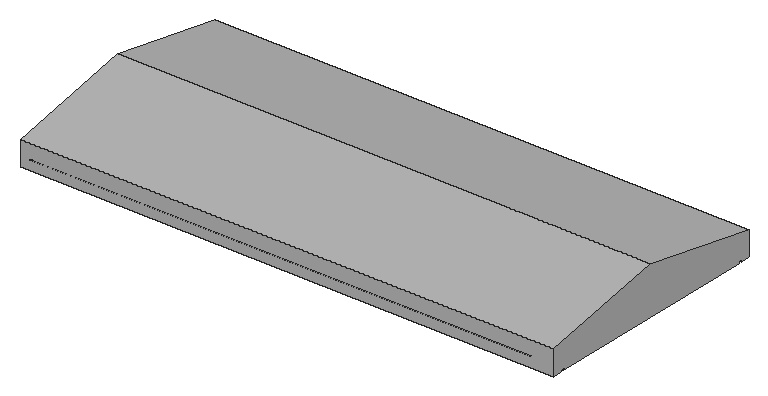
Revit family "WC151 Saddle Back", category Generic Models, Revit 2020
Family settings
  Can host rebar = No
  Round Connector Dimension = Use Diameter
  Part Type = Normal
  Work Plane-Based = No
  Always vertical = Yes
  Cut with Voids When Loaded = No
  Shared = No
  Room Calculation Point = No
Parameters
  Weight = "160Kg"
  Warranty Guarantor Parts = "n/a"
  Warranty Guarantor Labour = "n/a"
  Warranty Duration Unit = "n/a"
  Warranty Duration Parts = "n/a"
  Warranty Duration Labour = "n/a"
  Warranty Description = "n/a"
  Unit Width [instance] = 585 mm
  Unit Length [instance] = 1285 mm
  Unit Height [instance] = 115 mm
  URL = "www.killeshal.com"
  Types = "Single"
  Type Comments = "Visit our website for a full list of available products."
  Sustainability Performance = "n/a"
  Structural Class = "n/a"
  Span = "Unit Length"
  Slope = "0.00°"
  Size = "585mm x 115 to 60mm"
  Shape = "As per drawing"
  Service Life = "0.000000"
  Serial Number = "n/a"
  Resistance to Fire = "n/a"
  Replacement Cost = "n/a"
  Reference = "n/a"
  Notified Body = "n/a"
  Nominal Cover to Main Bar = "n/a"
  Model = "W/C 151 Wall Cap."
  Mechanical Resistance = "n/a"
  Manufacturer = "Killeshal Precast Concrete Ltd."
  Load Bearing = no
  Life Cycle Environmental Load = "n/a"
  Length Options = "Stock size 1285mm."
  Keynote = "The information contained is the sole property of KPC Ltd., any reproduction in part or whole without permission of KPC Ltd. is prohibited."
  Environmental Product Declaration = "n/a"
  Environmental Class = "n/a"
  Durability against Corrosion = "n/a"
  Dimension Accuracy Class = "n/a"
  Detailing = "As per design specification and product drawings."
  Description = "Saddle Back Wall Cap"
  Default Elevation = 0 mm
  Dangerous Substances = "n/a"
  Contact Tel = "0035357 9353018"
  Contact Email = "sales@killeshal.com"
  Construction Type = "Precast"
  Construction Tolerance Class = "n/a"
  Compressive Strength of Concrete = "n/a"
  Characteristics of Reinforcing Steel = "n/a"
  Characteristics Deflection Under Load = "n/a"
Reference planes
  plane 1 "Center (Front/Back)": y = 0
  plane 2: z = 0
  plane 3 "Center (Left/Right)": x = 0
  plane 4 "Rear": y = 292.5
  plane 5 "Front": y = -292.5
  plane 6 "Top": z = 115
  plane 7 "Center L/T": z = 60
  plane 8 "Center L/Y": y = 267.5
  plane 9 "Center L/Z": y = -267.5
Forms (mm)
  Extrusion 1, solid, material "Precast Concrete (KPC)"
    sketch origin (0, 0, 0) x (0, 1, 0) y (0, 0, 1)
      loop
        line (-292.5, 60) -> (-292.5, 0) -> (-272.5, 0)
        arc (-272.5, 0) -> (-267.5, 5) -> (-262.5, 0) r 5
        line (-262.5, 0) -> (262.5, 0)
        arc (262.5, 0) -> (267.5, 5) -> (272.5, 0) r 5
        line (272.5, 0) -> (292.5, 0) -> (292.5, 60) -> (0, 115) -> (-292.5, 60)
    from 0 to 1285
Dimensions and locks
  "Unit Length": Extrusion 1 to Extrusion 1
  "Unit Width": Extrusion 1 to Extrusion 1
  plane 7 "Center L/T" to Extrusion 1 = 60 mm
  "Unit Height": plane 6 "Top" to Extrusion 1
  aligned and locked: level to plane 2
Automatic sketch dimensions
  Extrusion 1 sketch curve to plane 5 "Front" = 0 mm
  Extrusion 1 sketch curve to level = 0 mm
  Extrusion 1 sketch curve to plane 9 "Center L/Z" = 0 mm
  Extrusion 1 sketch curve to plane 1 "Center (Front/Back)" = 0 mm
  Extrusion 1 sketch curve to plane 8 "Center L/Y" = 0 mm
  Extrusion 1 sketch curve to plane 4 "Rear" = 0 mm
  Extrusion 1 sketch curve to plane 7 "Center L/T" = 0 mm  (x2)
  Extrusion 1 sketch curve to plane 6 "Top" = 0 mm
  Extrusion 1 sketch curve to Extrusion 1 sketch curve = 5 mm  (x2)
